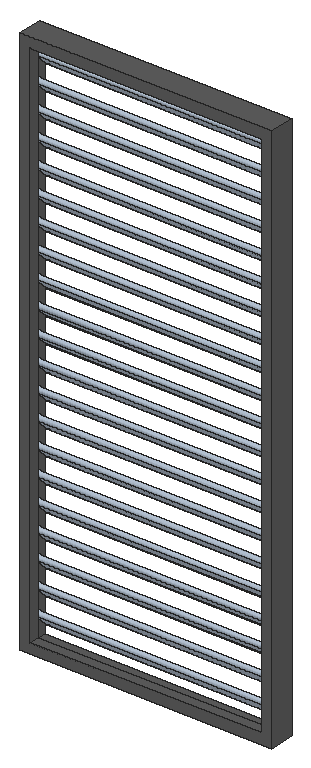
Revit family
Parameters
  테두리 [instance] = 테두리
  루버 [instance] = 루버
  Height = 2200 mm
  Default Sill Height = 500 mm
  Wall Closure = (empty or 0)
  Width = 1000 mm
  Assembly Code = ""
Reference planes
  plane 1 "Center (Front/Back)": y = 0
  plane 2 "Center (Left/Right)": x = 0
  plane 3 "Left": x = -500
  plane 4 "Right": x = 500
  plane 5 "Sill": z = 500
  plane 6 "Head": z = 2700
  plane 7 "Exterior": y = 100
  plane 8 "Interior": y = -100
Forms (mm)
  Sweep 1, solid, material "테두리" <- "테두리"
    path origin (0, 100, 0) x (1, 0, 0) y (0, 0, 1)
      loop
        line (500, 2700) -> (-500, 2700) -> (-500, 500) -> (500, 500) -> (500, 2700)
    profile origin (0, 100, 2700) x (0, 0, -1) y (0, -1, 0)
      loop
        line (0, 0) -> (20, 0) -> (20, 60) -> (40, 60) -> (40, 100) -> (0, 100) -> (0, 0)
  Extrusion 2, solid, material "루버" <- "루버"
    sketch origin (-500, 0, -300) x (0, -1, 0) y (0, 0, 1)
      loop
        arc (-50, 905.858) -> (-50, 920) -> (-64.142, 920) r 10
        line (-64.142, 920) -> (-120.711, 863.431)
        arc (-120.711, 863.431) -> (-120.711, 849.289) -> (-106.569, 849.289) r 10
        line (-106.569, 849.289) -> (-50, 905.858)
    from -980 to -20
  Extrusion 3, solid, material "루버" <- "루버"
    sketch origin (-500, 0, -200) x (0, -1, 0) y (0, 0, 1)
      loop
        arc (-50, 905.858) -> (-50, 920) -> (-64.142, 920) r 10
        line (-64.142, 920) -> (-120.711, 863.431)
        arc (-120.711, 863.431) -> (-120.711, 849.289) -> (-106.569, 849.289) r 10
        line (-106.569, 849.289) -> (-50, 905.858)
    from -980 to -20
  Extrusion 4, solid, material "루버" <- "루버"
    sketch origin (-500, 0, -100) x (0, -1, 0) y (0, 0, 1)
      loop
        arc (-50, 905.858) -> (-50, 920) -> (-64.142, 920) r 10
        line (-64.142, 920) -> (-120.711, 863.431)
        arc (-120.711, 863.431) -> (-120.711, 849.289) -> (-106.569, 849.289) r 10
        line (-106.569, 849.289) -> (-50, 905.858)
    from -980 to -20
  Extrusion 5, solid, material "루버" <- "루버"
    sketch origin (-500, 0, 0) x (0, -1, 0) y (0, 0, 1)
      loop
        arc (-50, 905.858) -> (-50, 920) -> (-64.142, 920) r 10
        line (-64.142, 920) -> (-120.711, 863.431)
        arc (-120.711, 863.431) -> (-120.711, 849.289) -> (-106.569, 849.289) r 10
        line (-106.569, 849.289) -> (-50, 905.858)
    from -980 to -20
  Extrusion 6, solid, material "루버" <- "루버"
    sketch origin (-500, 0, 100) x (0, -1, 0) y (0, 0, 1)
      loop
        arc (-50, 905.858) -> (-50, 920) -> (-64.142, 920) r 10
        line (-64.142, 920) -> (-120.711, 863.431)
        arc (-120.711, 863.431) -> (-120.711, 849.289) -> (-106.569, 849.289) r 10
        line (-106.569, 849.289) -> (-50, 905.858)
    from -980 to -20
  Extrusion 7, solid, material "루버" <- "루버"
    sketch origin (-500, 0, 200) x (0, -1, 0) y (0, 0, 1)
      loop
        arc (-50, 905.858) -> (-50, 920) -> (-64.142, 920) r 10
        line (-64.142, 920) -> (-120.711, 863.431)
        arc (-120.711, 863.431) -> (-120.711, 849.289) -> (-106.569, 849.289) r 10
        line (-106.569, 849.289) -> (-50, 905.858)
    from -980 to -20
  Extrusion 8, solid, material "루버" <- "루버"
    sketch origin (-500, 0, 300) x (0, -1, 0) y (0, 0, 1)
      loop
        arc (-50, 905.858) -> (-50, 920) -> (-64.142, 920) r 10
        line (-64.142, 920) -> (-120.711, 863.431)
        arc (-120.711, 863.431) -> (-120.711, 849.289) -> (-106.569, 849.289) r 10
        line (-106.569, 849.289) -> (-50, 905.858)
    from -980 to -20
  Extrusion 9, solid, material "루버" <- "루버"
    sketch origin (-500, 0, 400) x (0, -1, 0) y (0, 0, 1)
      loop
        arc (-50, 905.858) -> (-50, 920) -> (-64.142, 920) r 10
        line (-64.142, 920) -> (-120.711, 863.431)
        arc (-120.711, 863.431) -> (-120.711, 849.289) -> (-106.569, 849.289) r 10
        line (-106.569, 849.289) -> (-50, 905.858)
    from -980 to -20
  Extrusion 10, solid, material "루버" <- "루버"
    sketch origin (-500, 0, 500) x (0, -1, 0) y (0, 0, 1)
      loop
        arc (-50, 905.858) -> (-50, 920) -> (-64.142, 920) r 10
        line (-64.142, 920) -> (-120.711, 863.431)
        arc (-120.711, 863.431) -> (-120.711, 849.289) -> (-106.569, 849.289) r 10
        line (-106.569, 849.289) -> (-50, 905.858)
    from -980 to -20
  Extrusion 11, solid, material "루버" <- "루버"
    sketch origin (-500, 0, 600) x (0, -1, 0) y (0, 0, 1)
      loop
        arc (-50, 905.858) -> (-50, 920) -> (-64.142, 920) r 10
        line (-64.142, 920) -> (-120.711, 863.431)
        arc (-120.711, 863.431) -> (-120.711, 849.289) -> (-106.569, 849.289) r 10
        line (-106.569, 849.289) -> (-50, 905.858)
    from -980 to -20
  Extrusion 12, solid, material "루버" <- "루버"
    sketch origin (-500, 0, 700) x (0, -1, 0) y (0, 0, 1)
      loop
        arc (-50, 905.858) -> (-50, 920) -> (-64.142, 920) r 10
        line (-64.142, 920) -> (-120.711, 863.431)
        arc (-120.711, 863.431) -> (-120.711, 849.289) -> (-106.569, 849.289) r 10
        line (-106.569, 849.289) -> (-50, 905.858)
    from -980 to -20
  Extrusion 13, solid, material "루버" <- "루버"
    sketch origin (-500, 0, 800) x (0, -1, 0) y (0, 0, 1)
      loop
        arc (-50, 905.858) -> (-50, 920) -> (-64.142, 920) r 10
        line (-64.142, 920) -> (-120.711, 863.431)
        arc (-120.711, 863.431) -> (-120.711, 849.289) -> (-106.569, 849.289) r 10
        line (-106.569, 849.289) -> (-50, 905.858)
    from -980 to -20
  Extrusion 14, solid, material "루버" <- "루버"
    sketch origin (-500, 0, 900) x (0, -1, 0) y (0, 0, 1)
      loop
        arc (-50, 905.858) -> (-50, 920) -> (-64.142, 920) r 10
        line (-64.142, 920) -> (-120.711, 863.431)
        arc (-120.711, 863.431) -> (-120.711, 849.289) -> (-106.569, 849.289) r 10
        line (-106.569, 849.289) -> (-50, 905.858)
    from -980 to -20
  Extrusion 15, solid, material "루버" <- "루버"
    sketch origin (-500, 0, 1000) x (0, -1, 0) y (0, 0, 1)
      loop
        arc (-50, 905.858) -> (-50, 920) -> (-64.142, 920) r 10
        line (-64.142, 920) -> (-120.711, 863.431)
        arc (-120.711, 863.431) -> (-120.711, 849.289) -> (-106.569, 849.289) r 10
        line (-106.569, 849.289) -> (-50, 905.858)
    from -980 to -20
  Extrusion 16, solid, material "루버" <- "루버"
    sketch origin (-500, 0, 1100) x (0, -1, 0) y (0, 0, 1)
      loop
        arc (-50, 905.858) -> (-50, 920) -> (-64.142, 920) r 10
        line (-64.142, 920) -> (-120.711, 863.431)
        arc (-120.711, 863.431) -> (-120.711, 849.289) -> (-106.569, 849.289) r 10
        line (-106.569, 849.289) -> (-50, 905.858)
    from -980 to -20
  Extrusion 17, solid, material "루버" <- "루버"
    sketch origin (-500, 0, 1200) x (0, -1, 0) y (0, 0, 1)
      loop
        arc (-50, 905.858) -> (-50, 920) -> (-64.142, 920) r 10
        line (-64.142, 920) -> (-120.711, 863.431)
        arc (-120.711, 863.431) -> (-120.711, 849.289) -> (-106.569, 849.289) r 10
        line (-106.569, 849.289) -> (-50, 905.858)
    from -980 to -20
  Extrusion 18, solid, material "루버" <- "루버"
    sketch origin (-500, 0, 1300) x (0, -1, 0) y (0, 0, 1)
      loop
        arc (-50, 905.858) -> (-50, 920) -> (-64.142, 920) r 10
        line (-64.142, 920) -> (-120.711, 863.431)
        arc (-120.711, 863.431) -> (-120.711, 849.289) -> (-106.569, 849.289) r 10
        line (-106.569, 849.289) -> (-50, 905.858)
    from -980 to -20
  Extrusion 19, solid, material "루버" <- "루버"
    sketch origin (-500, 0, 1400) x (0, -1, 0) y (0, 0, 1)
      loop
        arc (-50, 905.858) -> (-50, 920) -> (-64.142, 920) r 10
        line (-64.142, 920) -> (-120.711, 863.431)
        arc (-120.711, 863.431) -> (-120.711, 849.289) -> (-106.569, 849.289) r 10
        line (-106.569, 849.289) -> (-50, 905.858)
    from -980 to -20
  Extrusion 20, solid, material "루버" <- "루버"
    sketch origin (-500, 0, 1500) x (0, -1, 0) y (0, 0, 1)
      loop
        arc (-50, 905.858) -> (-50, 920) -> (-64.142, 920) r 10
        line (-64.142, 920) -> (-120.711, 863.431)
        arc (-120.711, 863.431) -> (-120.711, 849.289) -> (-106.569, 849.289) r 10
        line (-106.569, 849.289) -> (-50, 905.858)
    from -980 to -20
  Extrusion 21, solid, material "루버" <- "루버"
    sketch origin (-500, 0, 1600) x (0, -1, 0) y (0, 0, 1)
      loop
        arc (-50, 905.858) -> (-50, 920) -> (-64.142, 920) r 10
        line (-64.142, 920) -> (-120.711, 863.431)
        arc (-120.711, 863.431) -> (-120.711, 849.289) -> (-106.569, 849.289) r 10
        line (-106.569, 849.289) -> (-50, 905.858)
    from -980 to -20
  Extrusion 22, solid, material "루버" <- "루버"
    sketch origin (-500, 0, 1700) x (0, -1, 0) y (0, 0, 1)
      loop
        arc (-50, 905.858) -> (-50, 920) -> (-64.142, 920) r 10
        line (-64.142, 920) -> (-120.711, 863.431)
        arc (-120.711, 863.431) -> (-120.711, 849.289) -> (-106.569, 849.289) r 10
        line (-106.569, 849.289) -> (-50, 905.858)
    from -980 to -20
Lines and regions (mm)
  Opening 1
    outline origin (3500, -100, 0) x (1, 0, 0) y (0, 0, 1)
      loop
        line (-3000, 500) -> (-3000, 2700) -> (-4000, 2700) -> (-4000, 500) -> (-3000, 500)
Text (mm)
  text "EXTERIOR" at (-1963.203, 1332.353, 0), in view "Ref. Level"
  text "INTERIOR" at (-1981.466, -818.386, 0), in view "Ref. Level"
  text "Exterior" at (0, 923.751, 2943.296), in view "Right"
  text "Exterior" at (0, 1040.484, 2685.409), in view "Left"
Dimensions and locks
  equal spacing: plane 3 "Left", plane 2 "Center (Left/Right)", plane 4 "Right"
  "Width": plane 3 "Left" to plane 4 "Right"
  "Height": plane 5 "Sill" to plane 6 "Head"
  "Default Sill Height": plane 5 "Sill" to level
  locked: plane 7 "Exterior" to host wall at 0
  locked: plane 8 "Interior" to host wall
  aligned and locked: host wall to Sweep 1 sketch curve
  aligned and locked: Sweep 1 sketch curve to host wall  (x3)
  aligned and locked: Extrusion 2 to Sweep 1  (x2)
Automatic sketch dimensions
  Opening 1 sketch curve to plane 3 "Left" = 0 mm
  Opening 1 sketch curve to plane 4 "Right" = 0 mm
  Opening 1 sketch curve to plane 5 "Sill" = 0 mm
  Opening 1 sketch curve to plane 6 "Head" = 0 mm
  Sweep 1 sketch curve to profile plane = 0 mm
  Sweep 1 sketch curve to plane 7 "Exterior" = 0 mm
  Sweep 1 sketch curve to profile plane = 20 mm
  Sweep 1 sketch curve to profile plane = 40 mm
  plane 7 "Exterior" to Sweep 1 sketch curve = 60 mm
  Sweep 1 sketch curve to Sweep 1 sketch curve = 40 mm
  Extrusion 2 sketch curve to Extrusion 2 sketch curve = 7.071 mm  (x6)
  Extrusion 2 sketch curve to Extrusion 2 sketch curve = 56.569 mm  (x2)
  Extrusion 3 sketch curve to Extrusion 3 sketch curve = 7.071 mm  (x6)
  Extrusion 3 sketch curve to Extrusion 3 sketch curve = 56.569 mm  (x2)
  Extrusion 4 sketch curve to Extrusion 4 sketch curve = 7.071 mm  (x6)
  Extrusion 4 sketch curve to Extrusion 4 sketch curve = 56.569 mm  (x2)
  Extrusion 5 sketch curve to Extrusion 5 sketch curve = 7.071 mm  (x6)
  Extrusion 5 sketch curve to Extrusion 5 sketch curve = 56.569 mm  (x2)
  Extrusion 6 sketch curve to Extrusion 6 sketch curve = 7.071 mm  (x6)
  Extrusion 6 sketch curve to Extrusion 6 sketch curve = 56.569 mm  (x2)
  Extrusion 7 sketch curve to Extrusion 7 sketch curve = 7.071 mm  (x6)
  Extrusion 7 sketch curve to Extrusion 7 sketch curve = 56.569 mm  (x2)
  Extrusion 8 sketch curve to Extrusion 8 sketch curve = 7.071 mm  (x6)
  Extrusion 8 sketch curve to Extrusion 8 sketch curve = 56.569 mm  (x2)
  Extrusion 9 sketch curve to Extrusion 9 sketch curve = 7.071 mm  (x6)
  Extrusion 9 sketch curve to Extrusion 9 sketch curve = 56.569 mm  (x2)
  Extrusion 10 sketch curve to Extrusion 10 sketch curve = 7.071 mm  (x6)
  Extrusion 10 sketch curve to Extrusion 10 sketch curve = 56.569 mm  (x2)
  Extrusion 11 sketch curve to Extrusion 11 sketch curve = 7.071 mm  (x6)
  Extrusion 11 sketch curve to Extrusion 11 sketch curve = 56.569 mm  (x2)
  Extrusion 12 sketch curve to Extrusion 12 sketch curve = 7.071 mm  (x6)
  Extrusion 12 sketch curve to Extrusion 12 sketch curve = 56.569 mm  (x2)
  Extrusion 13 sketch curve to Extrusion 13 sketch curve = 7.071 mm  (x6)
  Extrusion 13 sketch curve to Extrusion 13 sketch curve = 56.569 mm  (x2)
  Extrusion 14 sketch curve to Extrusion 14 sketch curve = 7.071 mm  (x6)
  Extrusion 14 sketch curve to Extrusion 14 sketch curve = 56.569 mm  (x2)
  Extrusion 15 sketch curve to Extrusion 15 sketch curve = 7.071 mm  (x6)
  Extrusion 15 sketch curve to Extrusion 15 sketch curve = 56.569 mm  (x2)
  Extrusion 16 sketch curve to Extrusion 16 sketch curve = 7.071 mm  (x6)
  Extrusion 16 sketch curve to Extrusion 16 sketch curve = 56.569 mm  (x2)
  Extrusion 17 sketch curve to Extrusion 17 sketch curve = 7.071 mm  (x6)
  Extrusion 17 sketch curve to Extrusion 17 sketch curve = 56.569 mm  (x2)
  Extrusion 18 sketch curve to Extrusion 18 sketch curve = 7.071 mm  (x6)
  Extrusion 18 sketch curve to Extrusion 18 sketch curve = 56.569 mm  (x2)
  Extrusion 19 sketch curve to Extrusion 19 sketch curve = 7.071 mm  (x6)
  Extrusion 19 sketch curve to Extrusion 19 sketch curve = 56.569 mm  (x2)
  Extrusion 20 sketch curve to Extrusion 20 sketch curve = 7.071 mm  (x6)
  Extrusion 20 sketch curve to Extrusion 20 sketch curve = 56.569 mm  (x2)
  Extrusion 21 sketch curve to Extrusion 21 sketch curve = 7.071 mm  (x6)
  Extrusion 21 sketch curve to Extrusion 21 sketch curve = 56.569 mm  (x2)
  Extrusion 22 sketch curve to Extrusion 22 sketch curve = 7.071 mm  (x6)
  Extrusion 22 sketch curve to Extrusion 22 sketch curve = 56.569 mm  (x2)
  host wall to Extrusion 2 sketch curve = 20.711 mm
  Extrusion 2 sketch curve to plane 5 "Sill" = 49.289 mm
  host wall to Extrusion 3 sketch curve = 20.711 mm
  Extrusion 3 sketch curve to plane 5 "Sill" = 149.289 mm
  host wall to Extrusion 4 sketch curve = 20.711 mm
  Extrusion 4 sketch curve to plane 5 "Sill" = 249.289 mm
  host wall to Extrusion 5 sketch curve = 20.711 mm
  Extrusion 5 sketch curve to plane 5 "Sill" = 349.289 mm
  host wall to Extrusion 6 sketch curve = 20.711 mm
  Extrusion 6 sketch curve to plane 5 "Sill" = 449.289 mm
  host wall to Extrusion 7 sketch curve = 20.711 mm
  Extrusion 7 sketch curve to plane 5 "Sill" = 549.289 mm
  host wall to Extrusion 8 sketch curve = 20.711 mm
  Extrusion 8 sketch curve to plane 5 "Sill" = 649.289 mm
  host wall to Extrusion 9 sketch curve = 20.711 mm
  Extrusion 9 sketch curve to plane 5 "Sill" = 749.289 mm
  host wall to Extrusion 10 sketch curve = 20.711 mm
  Extrusion 10 sketch curve to plane 5 "Sill" = 849.289 mm
  host wall to Extrusion 11 sketch curve = 20.711 mm
  Extrusion 11 sketch curve to plane 5 "Sill" = 949.289 mm
  host wall to Extrusion 12 sketch curve = 20.711 mm
  Extrusion 12 sketch curve to plane 5 "Sill" = 1049.289 mm
  host wall to Extrusion 13 sketch curve = 20.711 mm
  plane 6 "Head" to Extrusion 13 sketch curve = 1050.711 mm
  host wall to Extrusion 14 sketch curve = 20.711 mm
  plane 6 "Head" to Extrusion 14 sketch curve = 950.711 mm
  host wall to Extrusion 15 sketch curve = 20.711 mm
  plane 6 "Head" to Extrusion 15 sketch curve = 850.711 mm
  host wall to Extrusion 16 sketch curve = 20.711 mm
  plane 6 "Head" to Extrusion 16 sketch curve = 750.711 mm
  host wall to Extrusion 17 sketch curve = 20.711 mm
  plane 6 "Head" to Extrusion 17 sketch curve = 650.711 mm
  host wall to Extrusion 18 sketch curve = 20.711 mm
  plane 6 "Head" to Extrusion 18 sketch curve = 550.711 mm
  host wall to Extrusion 19 sketch curve = 20.711 mm
  plane 6 "Head" to Extrusion 19 sketch curve = 450.711 mm
  host wall to Extrusion 20 sketch curve = 20.711 mm
  plane 6 "Head" to Extrusion 20 sketch curve = 350.711 mm
  host wall to Extrusion 21 sketch curve = 20.711 mm
  plane 6 "Head" to Extrusion 21 sketch curve = 250.711 mm
  host wall to Extrusion 22 sketch curve = 20.711 mm
  plane 6 "Head" to Extrusion 22 sketch curve = 150.711 mm
